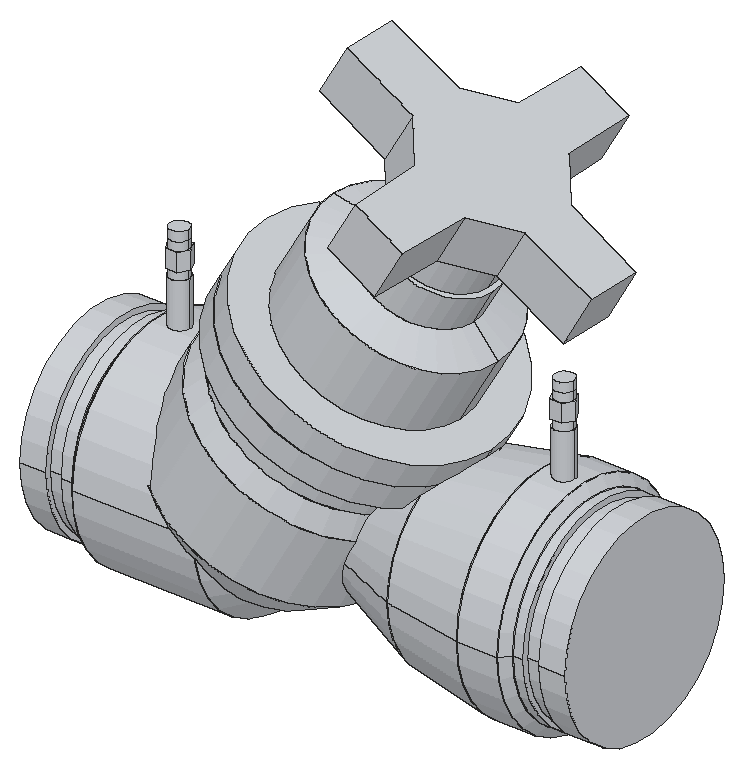
Revit family "447_d-DN200-RFA_2018", category Pipe Accessories, Revit 2018
Family settings
  Round Connector Dimension = Use Diameter
  Part Type = Valve - Breaks Into
  Work Plane-Based = No
  Always vertical = Yes
  Cut with Voids When Loaded = No
  Shared = No
Parameters (values of type "447_d-DN200")
  magiProductId = "f5a67fe5c2444fc986ed7f87b9a4ed"
  magiProductFamilyId = "eab8c084d85f47fc9aed3208e9defb"
  magiPartTypeId = 304
  isMeasuringValve [instance] = no
  ang2D [instance] = 0.00°
  W3 = 31.658 mm
  W2D = 100 mm
  W2 = 71.601 mm
  W1 = 30.372 mm
  VersionID = "2.0/2018.4.11.4/ZETKAMA_447_GROOVED_001"
  Use Minimum Symbol Size [instance] = yes
  URL = "www.hydronix.cz"
  Type Comments = "drážkový spoj; PN16; -10~+120°C;"
  R9 = 142.35 mm
  R8 = 60.225 mm
  R7 = 65.7 mm
  R6 = 131.4 mm
  R5 = 155 mm
  R4 = 60.225 mm
  R3 = 120.45 mm
  R2 = 104.025 mm
  R13 = 12.869 mm
  R12 = 10.071 mm
  R11 = 11.19 mm
  R1 = 109.5 mm
  R = 100 mm
  QmdConnectorList = "301;D;302;D"
  Productdata [instance] = ""
  Model = ""
  Manufacturer = "Hydronix"
  Maintenance Zone Under Depth [instance] = 110 mm
  Maintenance Zone Right Depth [instance] = 600 mm
  Maintenance Zone Over Depth [instance] = 480 mm
  Maintenance Zone Left Depth [instance] = 600 mm
  Maintenance Zone Front Depth [instance] = 310 mm
  Maintenance Zone Back Depth [instance] = 310 mm
  Maintenance Zone Front Visibility [instance] = no
  MC Product Code = "447 200 d (DN200; PN16 kvs710,0)"
  MC Piping Given Pressure Drop [instance] = 0.0 Pa
  L9 = 89.524 mm
  L8__ve = -L8  # -44.762 mm
  L8 = 44.762 mm
  L6 = 134.286 mm
  L5 = 8.571 mm
  L4__ve = -L4  # -11.429 mm
  L4 = 11.429 mm
  L3__ve = -L3  # -17.143 mm
  L3 = 17.143 mm
  L2__ve = -L2  # -28.571 mm
  L2D_Min = 3048 mm
  L2D = 350 mm
  L2 = 28.571 mm
  L13 = 22.381 mm
  L12 = 30.372 mm
  L11 = 31.658 mm
  L10 = 71.601 mm
  L1 = 300 mm
  KZ = 50 mm
  KL = 86.603 mm
  H9 = 12.394 mm
  H8 = 80.56 mm
  H7 = 30.984 mm
  H6 = 37.181 mm
  H5 = 24.788 mm
  H4 = 92.953 mm
  H17 = 19.2 mm
  H16 = 9.6 mm
  H15 = 168.45 mm
  H14 = 61.969 mm
  H13 = 46.477 mm
  H11 = 49.575 mm
  H10 = 43.378 mm
  Description = "Ruční vyvažovací ventil s drážkovým spojem"
  D = 200 mm
  CenSd_R13_6 = R13 * cos(30.00°)  # 11.145 mm
  Clearance Zone Height Depth [instance] = 480 mm
  Clearance Zone Circular Radius [instance] = 300 mm
  Clearance Zone Visibility [instance] = no
Types (10, lengths in mm): name | magiProductId | W3 | W2 | W1 | R9 | R8 | R7 | R6 | R5 | R4 | R3 | R2 | R13 | R12 | R11 | R1 | R | Maintenance Zone Under Depth | Maintenance Zone Right Depth | Maintenance Zone Over Depth | Maintenance Zone Left Depth | Maintenance Zone Front Depth | Maintenance Zone Back Depth | MC Product Code | L9 | L8__ve | L8 | L6 | L5 | L4__ve | L4 | L3__ve | L3 | L2__ve | L2 | L13 | L12 | L11 | L10 | L1 | KZ | KL | H9 | H8 | H7 | H6 | H5 | H4 | H17 | H16 | H15 | H14 | H13 | H11 | H10 | D | CenSd_R13_6 | Clearance Zone Height Depth | Clearance Zone Circular Radius
  447_d-DN100 | "e5a6bfdd9ca54003a0551f5d760c3c" | 14.437 | 30.026 | 12.736 | 74.1 | 31.35 | 34.2 | 68.4 | 65 | 31.35 | 62.7 | 54.15 | 7.507 | 5.875 | 6.528 | 57 | 50 | 57 | 350 | 240 | 350 | 130 | 130 | "447 100 d (DN100; PN16 kvs180,5)" | 52.222 | -26.111 | 26.111 | 78.333 | 5 | -6.667 | 6.667 | -10 | 10 | -16.667 | 16.667 | 13.056 | 12.736 | 14.437 | 30.026 | 175 | 29.167 | 50.518 | 6.389 | 41.531 | 15.973 | 19.168 | 12.779 | 47.92 | 9.6 | 4.8 | 86.7 | 31.947 | 23.96 | 25.557 | 22.363 | 100 | 6.501 | 240 | 175
  447_d-DN125 | "5795ec580370482d8c46e49d975863" | 14.437 | 30.026 | 12.736 | 91.65 | 38.775 | 42.3 | 84.6 | 65 | 38.775 | 77.55 | 66.975 | 8.579 | 6.714 | 7.46 | 70.5 | 62.5 | 71 | 400 | 260 | 400 | 130 | 130 | "447 125 d (DN125; PN16 kvs280,0)" | 59.683 | -29.841 | 29.841 | 89.524 | 5.714 | -7.619 | 7.619 | -11.429 | 11.429 | -19.048 | 19.048 | 14.921 | 12.736 | 14.437 | 30.026 | 200 | 33.333 | 57.735 | 7.005 | 45.534 | 17.513 | 21.016 | 14.01 | 52.539 | 10.4 | 5.2 | 103.55 | 35.026 | 26.269 | 28.021 | 24.518 | 125 | 7.43 | 260 | 200
  447_d-DN150 | "9b6b5ad10a674c51b522359e7e2d39" | 14.437 | 30.026 | 12.736 | 109.2 | 46.2 | 50.4 | 100.8 | 65 | 46.2 | 92.4 | 79.8 | 10.295 | 8.057 | 8.952 | 84 | 75 | 84 | 480 | 285 | 480 | 130 | 130 | "447 150 d (DN150; PN16 kvs383,4)" | 71.619 | -35.81 | 35.81 | 107.429 | 6.857 | -9.143 | 9.143 | -13.714 | 13.714 | -22.857 | 22.857 | 17.905 | 12.736 | 14.437 | 30.026 | 240 | 40 | 69.282 | 7.775 | 50.537 | 19.437 | 23.325 | 15.55 | 58.312 | 11.4 | 5.7 | 120.9 | 38.875 | 29.156 | 31.1 | 27.212 | 150 | 8.916 | 285 | 240
  447_d-DN200 | "f5a67fe5c2444fc986ed7f87b9a4ed" | 31.658 | 71.601 | 30.372 | 142.35 | 60.225 | 65.7 | 131.4 | 155 | 60.225 | 120.45 | 104.025 | 12.869 | 10.071 | 11.19 | 109.5 | 100 | 110 | 600 | 480 | 600 | 310 | 310 | "447 200 d (DN200; PN16 kvs710,0)" | 89.524 | -44.762 | 44.762 | 134.286 | 8.571 | -11.429 | 11.429 | -17.143 | 17.143 | -28.571 | 28.571 | 22.381 | 30.372 | 31.658 | 71.601 | 300 | 50 | 86.603 | 12.394 | 80.56 | 30.984 | 37.181 | 24.788 | 92.953 | 19.2 | 9.6 | 168.45 | 61.969 | 46.477 | 49.575 | 43.378 | 200 | 11.145 | 480 | 300
  447_d-DN250 | "7d63ae0d28f64990bc8ce3477101ef" | 31.658 | 71.601 | 30.372 | 177.45 | 75.075 | 81.9 | 163.8 | 155 | 75.075 | 150.15 | 129.675 | 15.657 | 12.254 | 13.615 | 136.5 | 125 | 137 | 730 | 525 | 730 | 310 | 310 | "447 250 d (DN250; PN16 kvs1187,5)" | 108.921 | -54.46 | 54.46 | 163.381 | 10.429 | -13.905 | 13.905 | -20.857 | 20.857 | -34.762 | 34.762 | 27.23 | 30.372 | 31.658 | 71.601 | 365 | 60.833 | 105.366 | 13.779 | 89.566 | 34.449 | 41.338 | 27.559 | 103.346 | 21 | 10.5 | 202.65 | 68.897 | 51.673 | 55.118 | 48.228 | 250 | 13.56 | 525 | 365
  447_d-DN300 | "0a2a34dba99a430aa7daf784d6b0c1" | 31.658 | 71.601 | 30.372 | 210.6 | 89.1 | 97.2 | 194.4 | 155 | 89.1 | 178.2 | 153.9 | 18.231 | 14.268 | 15.853 | 162 | 150 | 162 | 850 | 535 | 850 | 310 | 310 | "447 300 d (DN300; PN16 kvs1504,1)" | 126.825 | -63.413 | 63.413 | 190.238 | 12.143 | -16.19 | 16.19 | -24.286 | 24.286 | -40.476 | 40.476 | 31.706 | 30.372 | 31.658 | 71.601 | 425 | 70.833 | 122.687 | 14.087 | 91.568 | 35.218 | 42.262 | 28.175 | 105.655 | 21.4 | 10.7 | 231.7 | 70.437 | 52.828 | 56.349 | 49.306 | 300 | 15.789 | 535 | 425
  447_d-DN040 | "6dc4a6b5eb924103b02307904d600f" | 9.08 | 17.092 | 7.25 | 31.2 | 13.2 | 14.4 | 28.8 | 37 | 13.2 | 26.4 | 22.8 | 4.29 | 3.357 | 3.73 | 24 | 20 | 24 | 200 | 130 | 200 | 74 | 74 | "447 040 d (DN40; PN16 kvs22,36)" | 29.841 | -14.921 | 14.921 | 44.762 | 2.857 | -3.81 | 3.81 | -5.714 | 5.714 | -9.524 | 9.524 | 7.46 | 7.25 | 9.08 | 17.092 | 100 | 16.667 | 28.868 | 3.433 | 22.317 | 8.583 | 10.3 | 6.867 | 25.75 | 5.2 | 2.6 | 39.4 | 17.167 | 12.875 | 13.733 | 12.017 | 40 | 3.715 | 130 | 100
  447_d-DN050 | "b59a3d0ad4654cda90cee0c397c848" | 9.08 | 17.092 | 7.25 | 39 | 16.5 | 18 | 36 | 37 | 16.5 | 33 | 28.5 | 4.933 | 3.861 | 4.29 | 30 | 25 | 30 | 230 | 130 | 230 | 130 | 130 | "447 050 d (DN50; PN16 kvs32,15)" | 34.317 | -17.159 | 17.159 | 51.476 | 3.286 | -4.381 | 4.381 | -6.571 | 6.571 | -10.952 | 10.952 | 8.579 | 7.25 | 9.08 | 17.092 | 115 | 19.167 | 33.198 | 3.433 | 22.317 | 8.583 | 10.3 | 6.867 | 25.75 | 5.2 | 2.6 | 46 | 17.167 | 12.875 | 13.733 | 12.017 | 50 | 4.272 | 130 | 115
  447_d-DN065 | "356db372cd37496c9ff0d3ad255dc6" | 14.437 | 30.026 | 12.736 | 49.4 | 20.9 | 22.8 | 45.6 | 65 | 20.9 | 41.8 | 36.1 | 6.22 | 4.868 | 5.409 | 38 | 32.5 | 38 | 290 | 220 | 290 | 130 | 130 | "447 065 d (DN65; PN16 kvs83,3)" | 43.27 | -21.635 | 21.635 | 64.905 | 4.143 | -5.524 | 5.524 | -8.286 | 8.286 | -13.81 | 13.81 | 10.817 | 12.736 | 14.437 | 30.026 | 145 | 24.167 | 41.858 | 5.774 | 37.528 | 14.434 | 17.321 | 11.547 | 43.301 | 8.8 | 4.4 | 63.8 | 28.868 | 21.651 | 23.094 | 20.207 | 65 | 5.387 | 220 | 145
  447_d-DN080 | "f43aa02b4841429783243073d22ea7" | 14.437 | 30.026 | 12.736 | 57.85 | 24.475 | 26.7 | 53.4 | 65 | 24.475 | 48.95 | 42.275 | 6.649 | 5.204 | 5.782 | 44.5 | 40 | 45 | 310 | 220 | 310 | 130 | 130 | "447 080 d (DN80; PN16 kvs104,3)" | 46.254 | -23.127 | 23.127 | 69.381 | 4.429 | -5.905 | 5.905 | -8.857 | 8.857 | -14.762 | 14.762 | 11.563 | 12.736 | 14.437 | 30.026 | 155 | 25.833 | 44.745 | 5.774 | 37.528 | 14.434 | 17.321 | 11.547 | 43.301 | 8.8 | 4.4 | 70.95 | 28.868 | 21.651 | 23.094 | 20.207 | 80 | 5.758 | 220 | 155
Reference planes
  plane 1 "Center (Front/Back)": y = 0
  plane 2 "XYPLANE": z = 0
  plane 3 "Center (Left/Right)": x = 0
  plane 4 "159": y = 310
  plane 5 "158": y = -310
  plane 6 "157": z = -110
  plane 7 "156": z = 480
  plane 8 "155": x = -600
  plane 9 "154": x = 600
  plane 10 "132": z = 206.85
  plane 11 "125": z = 197.25
  plane 12 "120": z = 178.05
  plane 13 "119": z = 168.45
  plane 14 "112": x = 211.905
  plane 15 "111": x = -211.905
  plane 16 "109": y = -31.658
  plane 17 "108": y = 31.658
  plane 18 "105": through (326.303, 0, 677.634) normal (0.866, 0, -0.5)
  plane 19 "104": through (273.697, 0, 708.006) normal (0.866, 0, -0.5)
  plane 20 "103": y = -71.601
  plane 21 "102": y = -30.372
  plane 22 "101": y = 71.601
  plane 23 "100": y = 30.372
  plane 24 "99": through (272.583, 0, 708.649) normal (0.866, 0, -0.5)
  plane 25 "98": through (237.992, 0, 728.621) normal (0.866, 0, -0.5)
  plane 26 "97": through (327.417, 0, 676.991) normal (0.866, 0, -0.5)
  plane 27 "96": through (362.008, 0, 657.02) normal (0.866, 0, -0.5)
  plane 28 "95": y = -155
  plane 29 "94": y = 155
  plane 30 "93": through (434.234, 0, 615.32) normal (0.866, 0, -0.5)
  plane 31 "92": through (165.766, 0, 770.32) normal (0.866, 0, -0.5)
  plane 32 "88": x = 100
  plane 33 "87": x = 189.524
  plane 34 "81": through (-473.12, 0, 680.532) normal (0.5, 0, 0.866)
  plane 35 "80": through (-497.908, 0, 637.599) normal (0.5, 0, 0.866)
  plane 36 "75": through (-519.597, 0, 600.032) normal (0.5, 0, 0.866)
  plane 37 "72": through (-525.794, 0, 589.299) normal (0.5, 0, 0.866)
  plane 38 "68": through (-566.073, 0, 519.532) normal (0.5, 0, 0.866)
  plane 39 "67": through (-581.566, 0, 492.699) normal (0.5, 0, 0.866)
  plane 40 "62": through (-697.757, 0, 291.449) normal (0.5, 0, 0.866)
  plane 41 "61": through (-597.058, 0, 465.865) normal (0.5, 0, 0.866)
  plane 42 "58": through (-615.649, 0, 433.665) normal (0.5, 0, 0.866)
  plane 43 "56": through (-628.042, 0, 412.199) normal (0.5, 0, 0.866)
  plane 44 "51": y = 0
  plane 45 "49": through (300, 0, 692.82) normal (0.866, 0, -0.5)
  plane 46 "48": through (-674.519, 0, 331.699) normal (0.5, 0, 0.866)
  plane 47 "30": x = 234.286
  plane 48 "29": x = 242.857
  plane 49 "28": x = 254.286
  plane 50 "27": x = 271.429
  plane 51 "14": x = -100
  plane 52 "13": x = -234.286
  plane 53 "12": x = -242.857
  plane 54 "11": x = -254.286
  plane 55 "10": x = -271.429
  plane 56 "8": x = -300
  plane 57 "7": x = 300
  plane 58 "6": y = 0
  plane 59 "5": x = 0
  plane 60 "4": z = 0
  plane 61 "45XY": through (-649.519, 0, 375) normal (0.5, 0, 0.866)
  plane 62 "45XZ": y = 0
  plane 63 "45YZ": through (375, 0, 649.519) normal (0.866, 0, -0.5)
Forms (mm)
  Blend 1, solid, visible <- "Maintenance Zone Front Visibility"
    base sketch origin (-750, 0, -110) x (1, 0, 0) y (0, 1, 0)
      loop
        line (150, 310) -> (150, -310) -> (1350, -310) -> (1350, 310) -> (150, 310)
    top sketch origin (-750, 0, -110) x (1, 0, 0) y (0, 1, 0)
      loop
        line (150, 310) -> (150, -310) -> (1350, -310) -> (1350, 310) -> (150, 310)
    from 0 to 590
  Extrusion 2, solid, visible <- "Clearance Zone Visibility"
    sketch origin (-750, 0, 0) x (1, 0, 0) y (0, 1, 0)
      loop
        circle (750, 0) r 300
    from 0 to 480 <- "Clearance Zone Height Depth"
  Extrusion 3, solid
    sketch origin (-750, 0, 206.85) x (1, 0, 0) y (0, 1, 0)
      loop
        circle (961.905, 0) r 10.071
    from 0 to 9.6 <- "H16"
  Extrusion 4, solid
    sketch origin (-750, 0, 197.25) x (1, 0, 0) y (0, 1, 0)
      loop
        circle (961.905, 0) r 10.071
    from 0 to 9.6 <- "H16"
  Extrusion 5, solid
    sketch origin (-750, 0, 206.85) x (1, 0, 0) y (0, 1, 0)
      loop
        circle (538.095, 0) r 10.071
    from 0 to 9.6 <- "H16"
  Extrusion 6, solid
    sketch origin (-750, 0, 197.25) x (1, 0, 0) y (0, 1, 0)
      loop
        circle (538.095, 0) r 10.071
    from 0 to 9.6 <- "H16"
  Extrusion 7, solid
    sketch origin (-750, 0, 178.05) x (1, 0, 0) y (0, 1, 0)
      loop
        line (974.774, 0) -> (968.339, 11.145) -> (955.47, 11.145) -> (949.036, 0) -> (955.47, -11.145) -> (968.339, -11.145) -> (974.774, 0)
    from 0 to 19.2 <- "H17"
  Extrusion 8, solid
    sketch origin (-750, 0, 178.05) x (1, 0, 0) y (0, 1, 0)
      loop
        line (550.964, 0) -> (544.53, 11.145) -> (531.661, 11.145) -> (525.226, 0) -> (531.661, -11.145) -> (544.53, -11.145) -> (550.964, 0)
    from 0 to 19.2 <- "H17"
  Extrusion 9, solid
    sketch origin (-750, 0, 168.45) x (1, 0, 0) y (0, 1, 0)
      loop
        circle (961.905, 0) r 10.071
    from 0 to 9.6 <- "H16"
  Extrusion 10, solid
    sketch origin (-750, 0, 168.45) x (1, 0, 0) y (0, 1, 0)
      loop
        circle (538.095, 0) r 10.071
    from 0 to 9.6 <- "H16"
  Extrusion 11, solid
    sketch origin (-750, 0, 0) x (1, 0, 0) y (0, 1, 0)
      loop
        circle (961.905, 0) r 11.19
    from 0 to 168.45 <- "H15"
  Extrusion 12, solid
    sketch origin (-750, 0, 0) x (1, 0, 0) y (0, 1, 0)
      loop
        circle (538.095, 0) r 11.19
    from 0 to 168.45 <- "H15"
  Extrusion 13, solid
    sketch origin (-473.12, 0, 680.532) x (0.866025, 0, -0.5) y (0, 1, 0)
      loop
        line (508.397, 30.372) -> (508.397, -30.372) -> (591.797, -31.658) -> (631.739, -71.601) -> (633.026, -155) -> (693.769, -155) -> (695.055, -71.601) -> (734.998, -31.658) -> (818.397, -30.372) -> (818.397, 30.372) -> (734.998, 31.658) -> (695.055, 71.601) -> (693.769, 155) -> (633.026, 155) -> (631.739, 71.601) -> (591.797, 31.658) -> (508.397, 30.372)
    from 0 to 61.969 <- "H14"
  Blend 14, solid
    base sketch origin (189.524, -750, 0) x (0, 1, 0) y (0, 0, 1)
      loop
        circle (750, 0) r 120.45
    top sketch origin (189.524, -750, 0) x (0, 1, 0) y (0, 0, 1)
      loop
        circle (750, 0) r 104.025
    from 0 to -89.524
  Extrusion 15, solid
    sketch origin (-581.566, 0, 492.699) x (0.866025, 0, -0.5) y (0, 1, 0)
      loop
        circle (663.397, 0) r 142.35
    from 0 to 30.984 <- "H7"
  Extrusion 16, solid
    sketch origin (-597.058, 0, 465.865) x (0.866025, 0, -0.5) y (0, 1, 0)
      loop
        circle (663.397, 0) r 142.35
    from 0 to 30.984 <- "H7"
  Extrusion 17, solid
    sketch origin (-497.908, 0, 637.599) x (0.866025, 0, -0.5) y (0, 1, 0)
      loop
        circle (663.397, 0) r 60.225
    from 0 to 49.575 <- "H11"
  Blend 18, solid
    base sketch origin (-525.794, 0, 589.299) x (0.866025, 0, -0.5) y (0, 1, 0)
      loop
        circle (663.397, 0) r 104.025
    top sketch origin (-525.794, 0, 589.299) x (0.866025, 0, -0.5) y (0, 1, 0)
      loop
        circle (663.397, 0) r 65.7
    from 0 to 12.394
  Extrusion 19, solid
    sketch origin (-566.073, 0, 519.532) x (0.866025, 0, -0.5) y (0, 1, 0)
      loop
        circle (663.397, 0) r 104.025
    from 0 to 80.56 <- "H8"
  Extrusion 20, solid
    sketch origin (-519.597, 0, 600.032) x (0.866025, 0, -0.5) y (0, 1, 0)
      loop
        circle (663.397, 0) r 65.7
    from 0 to 43.378 <- "H10"
  Blend 21, solid
    base sketch origin (-674.519, 0, 331.699) x (0.866025, 0, -0.5) y (0, 1, 0)
      loop
        circle (663.397, 0) r 131.4
    top sketch origin (-674.519, 0, 331.699) x (0.866025, 0, -0.5) y (0, 1, 0)
      loop
        circle (663.397, 0) r 100
    from 0 to -46.477
  Extrusion 22, solid
    sketch origin (-615.649, 0, 433.665) x (0.866025, 0, -0.5) y (0, 1, 0)
      loop
        circle (663.397, 0) r 120.45
    from 0 to 37.181 <- "H6"
  Blend 23, solid
    base sketch origin (-628.042, 0, 412.199) x (0.866025, 0, -0.5) y (0, 1, 0)
      loop
        circle (663.397, 0) r 131.4
    top sketch origin (-628.042, 0, 412.199) x (0.866025, 0, -0.5) y (0, 1, 0)
      loop
        circle (663.397, 0) r 120.45
    from 0 to 24.788
  Extrusion 24, solid
    sketch origin (-674.519, 0, 331.699) x (0.866025, 0, -0.5) y (0, 1, 0)
      loop
        circle (663.397, 0) r 131.4
    from 0 to 92.953 <- "H4"
  Extrusion 25, solid
    sketch origin (300, -750, 0) x (0, 1, 0) y (0, 0, 1)
      loop
        circle (750, 0) r 109.5
    from 0 to -28.571 <- "L2__ve"
  Extrusion 26, solid
    sketch origin (271.429, -750, 0) x (0, 1, 0) y (0, 0, 1)
      loop
        circle (750, 0) r 104.025
    from 0 to -17.143 <- "L3__ve"
  Extrusion 27, solid
    sketch origin (254.286, -750, 0) x (0, 1, 0) y (0, 0, 1)
      loop
        circle (750, 0) r 109.5
    from 0 to -11.429 <- "L4__ve"
  Blend 28, solid
    base sketch origin (242.857, -750, 0) x (0, 1, 0) y (0, 0, 1)
      loop
        circle (750, 0) r 109.5
    top sketch origin (242.857, -750, 0) x (0, 1, 0) y (0, 0, 1)
      loop
        circle (750, 0) r 120.45
    from 0 to -8.571
  Extrusion 29, solid
    sketch origin (234.286, -750, 0) x (0, 1, 0) y (0, 0, 1)
      loop
        circle (750, 0) r 120.45
    from 0 to -44.762 <- "L8__ve"
  Blend 30, solid
    base sketch origin (100, -750, 0) x (0, 1, 0) y (0, 0, 1)
      loop
        circle (750, 0) r 104.025
    top sketch origin (100, -750, 0) x (0, 1, 0) y (0, 0, 1)
      loop
        circle (750, 0) r 60.225
    from 0 to -100
  Blend 31, solid
    base sketch origin (-100, -750, 0) x (0, 1, 0) y (0, 0, 1)
      loop
        circle (750, 0) r 120.45
    top sketch origin (-100, -750, 0) x (0, 1, 0) y (0, 0, 1)
      loop
        circle (750, 0) r 60.225
    from 0 to 100
  Extrusion 32, solid
    sketch origin (-234.286, -750, 0) x (0, 1, 0) y (0, 0, 1)
      loop
        circle (750, 0) r 120.45
    from 0 to 134.286 <- "L6"
  Blend 33, solid
    base sketch origin (-242.857, -750, 0) x (0, 1, 0) y (0, 0, 1)
      loop
        circle (750, 0) r 109.5
    top sketch origin (-242.857, -750, 0) x (0, 1, 0) y (0, 0, 1)
      loop
        circle (750, 0) r 120.45
    from 0 to 8.571
  Extrusion 34, solid
    sketch origin (-254.286, -750, 0) x (0, 1, 0) y (0, 0, 1)
      loop
        circle (750, 0) r 109.5
    from 0 to 11.429 <- "L4"
  Extrusion 35, solid
    sketch origin (-271.429, -750, 0) x (0, 1, 0) y (0, 0, 1)
      loop
        circle (750, 0) r 104.025
    from 0 to 17.143 <- "L3"
  Extrusion 36, solid
    sketch origin (-300, -750, 0) x (0, 1, 0) y (0, 0, 1)
      loop
        circle (750, 0) r 109.5
    from 0 to 28.571 <- "L2"
  Extrusion 37, solid, not visible
    sketch origin (-300, -750, 0) x (0, 1, 0) y (0, 0, 1)
      loop
        circle (750, 0) r 27.635
    from 0 to 10
  Extrusion 38, solid, not visible
    sketch origin (300, -750, 0) x (0, 1, 0) y (0, 0, 1)
      loop
        circle (750, 0) r 27.635
    from 0 to -10
Lines and regions (mm)
  reference lines, not visible
    curve 1: circle (2, 2, 0) r 1 normal (0, 0, 1)
  reference lines
    curve 2: line (211.905, 0, 178.05) -> (210.028, 3.251, 178.05)
    curve 3: line (211.905, 0, 178.05) -> (208.151, 0, 178.05)
    curve 4: line (211.905, 0, 178.05) -> (210.028, -3.251, 178.05)
    curve 5: line (-211.905, 0, 178.05) -> (-213.781, 3.251, 178.05)
    curve 6: line (-211.905, 0, 178.05) -> (-215.658, 0, 178.05)
    curve 7: line (-211.905, 0, 178.05) -> (-213.781, -3.251, 178.05)
Dimensions and locks
  plane 1 "Center (Front/Back)" to curve 1 = 2 mm
  "Maintenance Zone Back Depth": plane 1 "Center (Front/Back)" to plane 4 "159"
  "Maintenance Zone Front Depth": plane 1 "Center (Front/Back)" to plane 5 "158"
  "Maintenance Zone Under Depth": plane 2 "XYPLANE" to plane 6 "157"
  "Maintenance Zone Over Depth": plane 2 "XYPLANE" to plane 7 "156"
  "Maintenance Zone Left Depth": plane 3 "Center (Left/Right)" to plane 8 "155"
  "Maintenance Zone Right Depth": plane 3 "Center (Left/Right)" to plane 9 "154"
  "H16": plane 11 "125" to plane 10 "132"
  "H17": plane 12 "120" to plane 11 "125"
  "H16": plane 13 "119" to plane 12 "120"
  "H15": plane 2 "XYPLANE" to plane 13 "119"
  "L13": plane 47 "30" to plane 14 "112"
  "L13": plane 52 "13" to plane 15 "111"
  "W3": plane 44 "51" to plane 16 "109"
  "W3": plane 44 "51" to plane 17 "108"
  "L12": plane 45 "49" to plane 18 "105"
  "L12": plane 45 "49" to plane 19 "104"
  "W2": plane 58 "6" to plane 20 "103"
  "W1": plane 58 "6" to plane 21 "102"
  "W2": plane 58 "6" to plane 22 "101"
  "W1": plane 58 "6" to plane 23 "100"
  "L11": plane 45 "49" to plane 24 "99"
  "L10": plane 45 "49" to plane 25 "98"
  "L11": plane 45 "49" to plane 26 "97"
  "L10": plane 45 "49" to plane 27 "96"
  "R5": plane 58 "6" to plane 28 "95"
  "R5": plane 58 "6" to plane 29 "94"
  "R5": plane 45 "49" to plane 30 "93"
  "R5": plane 45 "49" to plane 31 "92"
  "L9": plane 33 "87" to plane 32 "88"
  "L8": plane 47 "30" to plane 33 "87"
  "H11": plane 35 "80" to plane 34 "81"
  "H10": plane 36 "75" to plane 35 "80"
  "H9": plane 37 "72" to plane 36 "75"
  "H8": plane 38 "68" to plane 37 "72"
  "H7": plane 39 "67" to plane 38 "68"
  "H7": plane 41 "61" to plane 39 "67"
  "H13": plane 46 "48" to plane 40 "62"
  "H6": plane 42 "58" to plane 41 "61"
  "H5": plane 43 "56" to plane 42 "58"
  "H4": plane 46 "48" to plane 43 "56"
  locked: plane 58 "6" to plane 44 "51"
  "KL": plane 63 "45YZ" to plane 45 "49"
  "KZ": plane 61 "45XY" to plane 46 "48"
  "L5": plane 48 "29" to plane 47 "30"
  "L4": plane 49 "28" to plane 48 "29"
  "L3": plane 50 "27" to plane 49 "28"
  "L2": plane 57 "7" to plane 50 "27"
  "L6": plane 52 "13" to plane 51 "14"
  "L5": plane 53 "12" to plane 52 "13"
  "L4": plane 54 "11" to plane 53 "12"
  "L3": plane 55 "10" to plane 54 "11"
  "L2": plane 56 "8" to plane 55 "10"
  "L1": plane 3 "Center (Left/Right)" to plane 56 "8"
  "L1": plane 3 "Center (Left/Right)" to plane 57 "7"
  locked: plane 1 "Center (Front/Back)" to plane 58 "6"
  locked: plane 3 "Center (Left/Right)" to plane 59 "5"
  locked: plane 2 "XYPLANE" to plane 60 "4"
  Blend 1 sketch curve to Blend 1 sketch curve = 0 mm  (x16)
  "CenSd_R13_6": curve 2 to Extrusion 7 sketch curve  (x2)
  "CenSd_R13_6": curve 3 to Extrusion 7 sketch curve  (x2)
  "CenSd_R13_6": curve 4 to Extrusion 7 sketch curve  (x2)
  Extrusion 7 sketch curve to Extrusion 7 sketch curve = 0 mm  (x12)
  "CenSd_R13_6": curve 5 to Extrusion 8 sketch curve  (x2)
  "CenSd_R13_6": curve 6 to Extrusion 8 sketch curve  (x2)
  "CenSd_R13_6": curve 7 to Extrusion 8 sketch curve  (x2)
  Extrusion 8 sketch curve to Extrusion 8 sketch curve = 0 mm  (x12)
  Extrusion 13 sketch curve to Extrusion 13 sketch curve = 0 mm  (x32)
  "Clearance Zone Circular Radius": radius of Extrusion 2 sketch curve
  "R12": radius of Extrusion 3 sketch curve
  "R12": radius of Extrusion 4 sketch curve
  "R12": radius of Extrusion 5 sketch curve
  "R12": radius of Extrusion 6 sketch curve
  "R12": radius of Extrusion 9 sketch curve
  "R12": radius of Extrusion 10 sketch curve
  "R11": radius of Extrusion 11 sketch curve
  "R11": radius of Extrusion 12 sketch curve
  "R2": radius of Blend 14 sketch curve
  "R3": radius of Blend 14 sketch curve
  "R9": radius of Extrusion 15 sketch curve
  "R9": radius of Extrusion 16 sketch curve
  "R8": radius of Extrusion 17 sketch curve
  "R7": radius of Blend 18 sketch curve
  "R2": radius of Blend 18 sketch curve
  "R2": radius of Extrusion 19 sketch curve
  "R7": radius of Extrusion 20 sketch curve
  "R": radius of Blend 21 sketch curve
  "R6": radius of Blend 21 sketch curve
  "R3": radius of Extrusion 22 sketch curve
  "R3": radius of Blend 23 sketch curve
  "R6": radius of Blend 23 sketch curve
  "R6": radius of Extrusion 24 sketch curve
  "R1": radius of Extrusion 25 sketch curve
  "R2": radius of Extrusion 26 sketch curve
  "R1": radius of Extrusion 27 sketch curve
  "R3": radius of Blend 28 sketch curve
  "R1": radius of Blend 28 sketch curve
  "R3": radius of Extrusion 29 sketch curve
  "R4": radius of Blend 30 sketch curve
  "R2": radius of Blend 30 sketch curve
  "R4": radius of Blend 31 sketch curve
  "R3": radius of Blend 31 sketch curve
  "R3": radius of Extrusion 32 sketch curve
  "R3": radius of Blend 33 sketch curve
  "R1": radius of Blend 33 sketch curve
  "R1": radius of Extrusion 34 sketch curve
  "R2": radius of Extrusion 35 sketch curve
  "R1": radius of Extrusion 36 sketch curve
  locked: curve 3 to curve 2 (angle 60.00°)
  locked: curve 4 to curve 3 (angle 60.00°)
  locked: curve 4 to curve 2 (angle 120.00°)
  locked: curve 6 to curve 5 (angle 60.00°)
  locked: curve 7 to curve 6 (angle 60.00°)
  locked: curve 7 to curve 5 (angle 120.00°)
  aligned and locked: level to plane 2 "XYPLANE"
  aligned and locked: Blend 1 sketch curve to plane 8 "155"  (x2)
  aligned and locked: plane 4 "159" to Blend 1 sketch curve  (x4)
  aligned and locked: plane 5 "158" to Blend 1 sketch curve  (x4)
  aligned and locked: plane 8 "155" to Blend 1 sketch curve  (x2)
  aligned and locked: plane 9 "154" to Blend 1 sketch curve  (x4)
  aligned and locked: plane 7 "156" to Blend 1
  aligned and locked: plane 58 "6" to Extrusion 2 sketch curve
  aligned and locked: plane 59 "5" to Extrusion 2 sketch curve
  aligned and locked: plane 14 "112" to Extrusion 3 sketch curve
  aligned and locked: plane 58 "6" to Extrusion 3 sketch curve
  aligned and locked: plane 14 "112" to Extrusion 4 sketch curve
  aligned and locked: plane 58 "6" to Extrusion 4 sketch curve
  aligned and locked: plane 15 "111" to Extrusion 5 sketch curve
  aligned and locked: plane 58 "6" to Extrusion 5 sketch curve
  aligned and locked: plane 15 "111" to Extrusion 6 sketch curve
  aligned and locked: plane 58 "6" to Extrusion 6 sketch curve
  aligned and locked: plane 14 "112" to curve 4
  aligned and locked: plane 58 "6" to curve 4
  aligned and locked: plane 15 "111" to curve 6
  aligned and locked: plane 58 "6" to curve 6
  aligned and locked: plane 14 "112" to Extrusion 9 sketch curve
  aligned and locked: plane 58 "6" to Extrusion 9 sketch curve
  aligned and locked: plane 15 "111" to Extrusion 10 sketch curve
  aligned and locked: plane 58 "6" to Extrusion 10 sketch curve
  aligned and locked: plane 14 "112" to Extrusion 11 sketch curve
  aligned and locked: plane 58 "6" to Extrusion 11 sketch curve
  aligned and locked: plane 15 "111" to Extrusion 12 sketch curve
  aligned and locked: plane 58 "6" to Extrusion 12 sketch curve
  aligned and locked: Extrusion 13 sketch curve to plane 31 "92"  (x2)
  aligned and locked: plane 23 "100" to Extrusion 13 sketch curve  (x2)
  aligned and locked: plane 21 "102" to Extrusion 13 sketch curve  (x2)
  aligned and locked: plane 16 "109" to Extrusion 13 sketch curve  (x2)
  aligned and locked: Extrusion 13 sketch curve to plane 25 "98"
  aligned and locked: plane 20 "103" to Extrusion 13 sketch curve  (x2)
  aligned and locked: Extrusion 13 sketch curve to plane 24 "99"
  aligned and locked: plane 28 "95" to Extrusion 13 sketch curve  (x2)
  aligned and locked: Extrusion 13 sketch curve to plane 19 "104"
  aligned and locked: Extrusion 13 sketch curve to plane 18 "105"
  aligned and locked: Extrusion 13 sketch curve to plane 26 "97"
  aligned and locked: Extrusion 13 sketch curve to plane 27 "96"
  aligned and locked: Extrusion 13 sketch curve to plane 30 "93"
  aligned and locked: plane 30 "93" to Extrusion 13 sketch curve
  aligned and locked: plane 17 "108" to Extrusion 13 sketch curve  (x2)
  aligned and locked: plane 27 "96" to Extrusion 13 sketch curve
  aligned and locked: plane 22 "101" to Extrusion 13 sketch curve  (x2)
  aligned and locked: plane 26 "97" to Extrusion 13 sketch curve
  aligned and locked: plane 18 "105" to Extrusion 13 sketch curve
  aligned and locked: plane 29 "94" to Extrusion 13 sketch curve  (x2)
  aligned and locked: plane 19 "104" to Extrusion 13 sketch curve
  aligned and locked: plane 24 "99" to Extrusion 13 sketch curve
  aligned and locked: plane 25 "98" to Extrusion 13 sketch curve
  aligned and locked: Blend 14 sketch curve to plane 58 "6"  (x2)
  aligned and locked: plane 60 "4" to Blend 14 sketch curve  (x2)
  aligned and locked: Blend 14 to plane 32 "88"
  aligned and locked: plane 44 "51" to Extrusion 15 sketch curve
  aligned and locked: Extrusion 15 sketch curve to plane 45 "49"
  aligned and locked: plane 44 "51" to Extrusion 16 sketch curve
  aligned and locked: Extrusion 16 sketch curve to plane 45 "49"
  aligned and locked: plane 44 "51" to Extrusion 17 sketch curve
  aligned and locked: Extrusion 17 sketch curve to plane 45 "49"
  aligned and locked: plane 44 "51" to Blend 18 sketch curve  (x2)
  aligned and locked: Blend 18 sketch curve to plane 45 "49"  (x2)
  aligned and locked: plane 36 "75" to Blend 18
  aligned and locked: plane 44 "51" to Extrusion 19 sketch curve
  aligned and locked: Extrusion 19 sketch curve to plane 45 "49"
  aligned and locked: plane 44 "51" to Extrusion 20 sketch curve
  aligned and locked: Extrusion 20 sketch curve to plane 45 "49"
  aligned and locked: plane 44 "51" to Blend 21 sketch curve  (x2)
  aligned and locked: Blend 21 sketch curve to plane 45 "49"  (x2)
  aligned and locked: Blend 21 to plane 40 "62"
  aligned and locked: plane 44 "51" to Extrusion 22 sketch curve
  aligned and locked: Extrusion 22 sketch curve to plane 45 "49"
  aligned and locked: plane 44 "51" to Blend 23 sketch curve  (x2)
  aligned and locked: Blend 23 sketch curve to plane 45 "49"  (x2)
  aligned and locked: plane 42 "58" to Blend 23
  aligned and locked: plane 44 "51" to Extrusion 24 sketch curve
  aligned and locked: Extrusion 24 sketch curve to plane 45 "49"
  aligned and locked: Extrusion 25 sketch curve to plane 58 "6"
  aligned and locked: plane 60 "4" to Extrusion 25 sketch curve
  aligned and locked: Extrusion 26 sketch curve to plane 58 "6"
  aligned and locked: plane 60 "4" to Extrusion 26 sketch curve
  aligned and locked: Extrusion 27 sketch curve to plane 58 "6"
  aligned and locked: plane 60 "4" to Extrusion 27 sketch curve
  aligned and locked: Blend 28 sketch curve to plane 58 "6"  (x2)
  aligned and locked: plane 60 "4" to Blend 28 sketch curve  (x2)
  aligned and locked: Blend 28 to plane 47 "30"
  aligned and locked: Extrusion 29 sketch curve to plane 58 "6"
  aligned and locked: plane 60 "4" to Extrusion 29 sketch curve
  aligned and locked: Blend 30 sketch curve to plane 58 "6"  (x2)
  aligned and locked: plane 60 "4" to Blend 30 sketch curve  (x2)
  aligned and locked: Blend 30 to plane 59 "5"
  aligned and locked: Blend 31 sketch curve to plane 58 "6"  (x2)
  aligned and locked: plane 60 "4" to Blend 31 sketch curve  (x2)
  aligned and locked: plane 59 "5" to Blend 31
  aligned and locked: Extrusion 32 sketch curve to plane 58 "6"
  aligned and locked: plane 60 "4" to Extrusion 32 sketch curve
  aligned and locked: Blend 33 sketch curve to plane 58 "6"  (x2)
  aligned and locked: plane 60 "4" to Blend 33 sketch curve  (x2)
  aligned and locked: plane 52 "13" to Blend 33
  aligned and locked: Extrusion 34 sketch curve to plane 58 "6"
  aligned and locked: plane 60 "4" to Extrusion 34 sketch curve
  aligned and locked: Extrusion 35 sketch curve to plane 58 "6"
  aligned and locked: plane 60 "4" to Extrusion 35 sketch curve
  aligned and locked: Extrusion 36 sketch curve to plane 58 "6"
  aligned and locked: plane 60 "4" to Extrusion 36 sketch curve
  aligned and locked: Extrusion 37 sketch curve to plane 58 "6"
  aligned and locked: plane 60 "4" to Extrusion 37 sketch curve
  aligned and locked: Extrusion 38 sketch curve to plane 58 "6"
  aligned and locked: plane 60 "4" to Extrusion 38 sketch curve
Automatic sketch dimensions
  plane 21 "102" to Extrusion 37 sketch curve = 2.736 mm
  plane 21 "102" to Extrusion 38 sketch curve = 2.736 mm
  plane 3 "Center (Left/Right)" to curve 1 = 2 mm
  radius of curve 1 = 1 mm
Connectors
  piping at (-300, 0, 0), diameter 200, driven by "D"
    settings: on Extrusion 37, index 1, connector inside diameter 609.6 mm, connector length 0 mm, flow factor 0, pipe flow 0.0 L/s, pressure drop 0.0 Pa, fitting loss kfactor 0, connector angle 0.00°, fixture units 0, engagement length 0 mm, angle of deflection 0.00°, flow configuration 0, flow direction 0, fitting loss method 0, system type 29, joint type 0, gender type 0, connector reference index 2, connector utility 0, adjustable connector no, is connector primary yes, connector description ""
  piping at (300, 0, 0), diameter 200, driven by "D"
    settings: on Extrusion 38, index 2, connector inside diameter 609.6 mm, connector length 0 mm, flow factor 0, pipe flow 0.0 L/s, pressure drop 0.0 Pa, fitting loss kfactor 0, connector angle 0.00°, fixture units 0, engagement length 0 mm, angle of deflection 0.00°, flow configuration 0, flow direction 0, fitting loss method 0, system type 29, joint type 0, gender type 0, connector reference index 1, connector utility 0, adjustable connector no, is connector primary no, connector description ""
